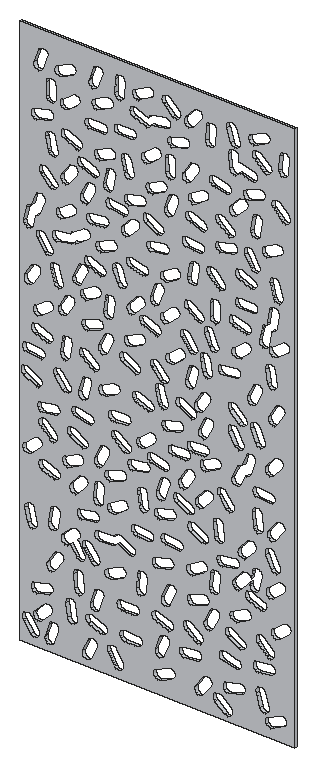
Revit family "J2 PET Felt Room Divider Confetti", category Specialty Equipment, Revit 2022 (continued)
Forms (in)
  Extrusion 1, solid, material <- "Felt Color"
    sketch origin (0, 0, 0) x (1, 0, 0) y (0, 0, 1)
      loop
        arc (6.10728, 76.09193) -> (4.98373, 75.63854) -> (5.43753, 74.51517) r 0.85655
        line (5.43753, 74.51517) -> (7.43079, 73.66938)
        arc (7.43079, 73.66938) -> (8.55316, 74.12205) -> (8.10049, 75.24442) r 0.85575
      loop
        line (-10.40379, 77.05178) -> (-12.40686, 77.87571)
        arc (-12.40686, 77.87571) -> (-13.52497, 77.40911) -> (-13.05795, 76.29116) r 0.85655
        line (-13.05795, 76.29116) -> (-11.05486, 75.46895)
        arc (-11.05486, 75.46895) -> (-9.93791, 75.93483) -> (-10.40379, 77.05178) r 0.85575
      loop
        line (-3.89994, 78.35044) -> (-4.38983, 80.46022)
        arc (-4.38983, 80.46022) -> (-5.41823, 81.10077) -> (-6.0584, 80.07213) r 0.85655
        line (-6.0584, 80.07213) -> (-5.56709, 77.96333)
        arc (-5.56709, 77.96333) -> (-4.53996, 77.32331) -> (-3.89994, 78.35044) r 0.85575
      loop
        line (-13.21568, 80.36121) -> (-15.21425, 81.19599)
        arc (-15.21425, 81.19599) -> (-16.33488, 80.73546) -> (-15.87393, 79.615) r 0.85655
        line (-15.87393, 79.615) -> (-13.87532, 78.78194)
        arc (-13.87532, 78.78194) -> (-12.75586, 79.24175) -> (-13.21568, 80.36121) r 0.85575
      loop
        line (-18.75461, 83.19503) -> (-20.84592, 82.63149)
        arc (-20.84592, 82.63149) -> (-21.45002, 81.58127) -> (-20.39958, 80.97756) r 0.85655
        line (-20.39958, 80.97756) -> (-18.3093, 81.54248)
        arc (-18.3093, 81.54248) -> (-17.70567, 82.59141) -> (-18.75461, 83.19503) r 0.85575
      loop
        line (-9.30238, 84.3513) -> (-11.46829, 84.35348)
        arc (-11.46829, 84.35348) -> (-12.3257, 83.49747) -> (-11.46938, 82.64037) r 0.85655
        line (-11.46938, 82.64037) -> (-9.3041, 82.63979)
        arc (-9.3041, 82.63979) -> (-8.44749, 83.49468) -> (-9.30238, 84.3513) r 0.85575
      loop
        line (-4.32518, 85.27502) -> (-6.49079, 85.2396)
        arc (-6.49079, 85.2396) -> (-7.33322, 84.36884) -> (-6.46214, 83.52674) r 0.85655
        line (-6.46214, 83.52674) -> (-4.29718, 83.56375)
        arc (-4.29718, 83.56375) -> (-3.45554, 84.43338) -> (-4.32518, 85.27502) r 0.85575
      loop
        line (3.88242, 90.82651) -> (2.32471, 92.3314)
        arc (2.32471, 92.3314) -> (1.11332, 92.31029) -> (1.13489, 91.09891) r 0.85655
        line (1.13489, 91.09891) -> (2.69325, 89.59561)
        arc (2.69325, 89.59561) -> (3.90329, 89.61647) -> (3.88242, 90.82651) r 0.85575
      loop
        line (-17.16187, 72.64753) -> (-18.68719, 74.18523)
        arc (-18.68719, 74.18523) -> (-19.89875, 74.18991) -> (-19.90298, 72.97834) r 0.85655
        line (-19.90298, 72.97834) -> (-18.37696, 71.44221)
        arc (-18.37696, 71.44221) -> (-17.16676, 71.43732) -> (-17.16187, 72.64753) r 0.85575
      loop
        line (-14.921, 73.0573) -> (-13.64698, 74.80888)
        arc (-13.64698, 74.80888) -> (-13.8361, 76.0056) -> (-15.03275, 75.81604) r 0.85655
        line (-15.03275, 75.81604) -> (-16.3051, 74.06403)
        arc (-16.3051, 74.06403) -> (-16.11642, 72.86861) -> (-14.921, 73.0573) r 0.85575
      loop
        line (-16.90975, 77.18486) -> (-17.3617, 79.30309)
        arc (-17.3617, 79.30309) -> (-18.37844, 79.96199) -> (-19.03696, 78.945) r 0.85655
        line (-19.03696, 78.945) -> (-18.58357, 76.82773)
        arc (-18.58357, 76.82773) -> (-17.56809, 76.16938) -> (-16.90975, 77.18486) r 0.85575
      loop
        line (-7.4669, 74.75764) -> (-7.00962, 76.87473)
        arc (-7.00962, 76.87473) -> (-7.66633, 77.89288) -> (-8.68424, 77.23579) r 0.85655
        line (-8.68424, 77.23579) -> (-9.13982, 75.11899)
        arc (-9.13982, 75.11899) -> (-8.48403, 74.10185) -> (-7.4669, 74.75764) r 0.85575
      loop
        line (-4.51107, 73.30623) -> (-2.43576, 73.92613)
        arc (-2.43576, 73.92613) -> (-1.86029, 74.9923) -> (-2.92668, 75.56739) r 0.85655
        line (-2.92668, 75.56739) -> (-5.00091, 74.94613)
        arc (-5.00091, 74.94613) -> (-5.57594, 73.88126) -> (-4.51107, 73.30623) r 0.85575
      loop
        line (2.94193, 74.54316) -> (3.68614, 76.5772)
        arc (3.68614, 76.5772) -> (3.17576, 77.67602) -> (2.07713, 77.16523) r 0.85655
        line (2.07713, 77.16523) -> (1.33463, 75.13124)
        arc (1.33463, 75.13124) -> (1.84424, 74.03355) -> (2.94193, 74.54316) r 0.85575
      loop
        line (-0.62056, 76.47714) -> (1.31193, 77.45523)
        arc (1.31193, 77.45523) -> (1.68922, 78.60656) -> (0.53775, 78.98343) r 0.85655
        line (0.53775, 78.98343) -> (-1.39345, 78.00419)
        arc (-1.39345, 78.00419) -> (-1.77053, 76.85422) -> (-0.62056, 76.47714) r 0.85575
      loop
        line (-9.52946, 78.49108) -> (-7.52634, 79.31489)
        arc (-7.52634, 79.31489) -> (-7.06008, 80.43316) -> (-8.17852, 80.899) r 0.85655
        line (-8.17852, 80.899) -> (-10.18044, 80.07394)
        arc (-10.18044, 80.07394) -> (-10.64638, 78.95702) -> (-9.52946, 78.49108) r 0.85575
      loop
        line (6.67013, 77.45634) -> (8.50435, 78.6082)
        arc (8.50435, 78.6082) -> (8.77403, 79.78938) -> (7.59275, 80.05862) r 0.85655
        line (7.59275, 80.05862) -> (5.75992, 78.90574)
        arc (5.75992, 78.90574) -> (5.49032, 77.72593) -> (6.67013, 77.45634) r 0.85575
      loop
        line (5.89, 80.63035) -> (7.13565, 82.40222)
        arc (7.13565, 82.40222) -> (6.92728, 83.59574) -> (5.73384, 83.38693) r 0.85655
        line (5.73384, 83.38693) -> (4.48987, 81.61465)
        arc (4.48987, 81.61465) -> (4.69778, 80.42243) -> (5.89, 80.63035) r 0.85575
      loop
        line (3.24361, 80.69118) -> (3.18976, 82.85642)
        arc (3.18976, 82.85642) -> (2.31186, 83.6914) -> (1.4772, 82.81319) r 0.85655
        line (1.4772, 82.81319) -> (1.53264, 80.64863)
        arc (1.53264, 80.64863) -> (2.4094, 79.81442) -> (3.24361, 80.69118) r 0.85575
      loop
        line (-1.25957, 80.99132) -> (0.4585, 82.31019)
        arc (0.4585, 82.31019) -> (0.61618, 83.51145) -> (-0.58514, 83.66869) r 0.85655
        line (-0.58514, 83.66869) -> (-2.30173, 82.34894)
        arc (-2.30173, 82.34894) -> (-2.45946, 81.14905) -> (-1.25957, 80.99132) r 0.85575
      loop
        line (2.94797, 84.8045) -> (5.03043, 85.39992)
        arc (5.03043, 85.39992) -> (5.61842, 86.45925) -> (4.55888, 87.04685) r 0.85655
        line (4.55888, 87.04685) -> (2.47747, 86.45006)
        arc (2.47747, 86.45006) -> (1.88994, 85.39203) -> (2.94797, 84.8045) r 0.85575
      loop
        line (6.20189, 89.12398) -> (7.6457, 90.73846)
        arc (7.6457, 90.73846) -> (7.57796, 91.94814) -> (6.36831, 91.87996) r 0.85655
        line (6.36831, 91.87996) -> (4.92612, 90.26488)
        arc (4.92612, 90.26488) -> (4.99355, 89.05654) -> (6.20189, 89.12398) r 0.85575
      loop
        line (-2.9164, 90.09524) -> (-1.0016, 91.10752)
        arc (-1.0016, 91.10752) -> (-0.64482, 92.26537) -> (-1.80281, 92.62171) r 0.85655
        line (-1.80281, 92.62171) -> (-3.7163, 91.60832)
        arc (-3.7163, 91.60832) -> (-4.07289, 90.45183) -> (-2.9164, 90.09524) r 0.85575
      loop
        line (-5.48864, 89.75342) -> (-5.43278, 91.91861)
        arc (-5.43278, 91.91861) -> (-6.26727, 92.79698) -> (-7.14533, 91.96217) r 0.85655
        line (-7.14533, 91.96217) -> (-7.19958, 89.79757)
        arc (-7.19958, 89.79757) -> (-6.36618, 88.92003) -> (-5.48864, 89.75342) r 0.85575
      loop
        line (-9.9253, 86.14978) -> (-7.93482, 87.0037)
        arc (-7.93482, 87.0037) -> (-7.48547, 88.12886) -> (-8.6108, 88.57779) r 0.85655
        line (-8.6108, 88.57779) -> (-10.60006, 87.72266)
        arc (-10.60006, 87.72266) -> (-11.04912, 86.59884) -> (-9.9253, 86.14978) r 0.85575
      loop
        line (-10.00771, 89.65133) -> (-9.25598, 91.6826)
        arc (-9.25598, 91.6826) -> (-9.7623, 92.7833) -> (-10.86282, 92.27658) r 0.85655
        line (-10.86282, 92.27658) -> (-11.61282, 90.24534)
        arc (-11.61282, 90.24534) -> (-11.10727, 89.14578) -> (-10.00771, 89.65133) r 0.85575
      loop
        line (-15.20135, 84.28275) -> (-13.46456, 85.57686)
        arc (-13.46456, 85.57686) -> (-13.28969, 86.77574) -> (-14.48863, 86.95018) r 0.85655
        line (-14.48863, 86.95018) -> (-16.22396, 85.65516)
        arc (-16.22396, 85.65516) -> (-16.39886, 84.45765) -> (-15.20135, 84.28275) r 0.85575
      loop
        line (-17.25183, 85.16746) -> (-17.27195, 87.33327)
        arc (-17.27195, 87.33327) -> (-18.13674, 88.18183) -> (-18.98498, 87.31672) r 0.85655
        line (-18.98498, 87.31672) -> (-18.96326, 85.15156)
        arc (-18.96326, 85.15156) -> (-18.09959, 84.30379) -> (-17.25183, 85.16746) r 0.85575
      loop
        line (-16.25083, 88.9821) -> (-14.30366, 89.93062)
        arc (-14.30366, 89.93062) -> (-13.90887, 91.07607) -> (-15.05446, 91.47044) r 0.85655
        line (-15.05446, 91.47044) -> (-17.00036, 90.52075)
        arc (-17.00036, 90.52075) -> (-17.39492, 89.37666) -> (-16.25083, 88.9821) r 0.85575
      loop
        line (-19.42249, 89.1318) -> (-18.67077, 91.16307)
        arc (-18.67077, 91.16307) -> (-19.17708, 92.26377) -> (-20.2776, 91.75704) r 0.85655
        line (-20.2776, 91.75704) -> (-21.0276, 89.72581)
        arc (-21.0276, 89.72581) -> (-20.52205, 88.62625) -> (-19.42249, 89.1318) r 0.85575
    from 0.25 to -0.25
Dimensions and locks (in)
  aligned and locked: level to plane 2
